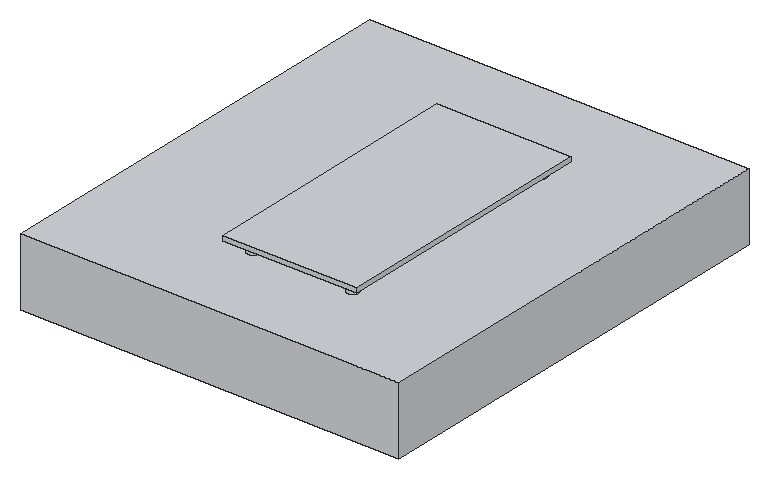
Revit family "M_Placa do terminal de telefone", category Equipamento elétrico, Revit 2019
Family settings
  Hospedeiro = Face
  Cota do conector redondo = Utilizar diâmetro
  Tipo de parte = Outros painéis
  Número OmniClass = 23.85.50.14.21
  Título OmniClass = Intercommunication Equipment
  ID de item do Seek = Telephone Terminal Board-0000-CAN-ENU
  Corte com vazios quando carregada = Não
  Compartilhado = Não
  Ponto de cálculo do ambiente = Não
Parameters (values of type "600x1200")
  Largura = 600 mm
  Reserva = 51 mm
  Altura = 1200 mm
  MeiaLargura = Largura / 2  # 300 mm
  MeiaAltura = Altura / 2  # 600 mm
  Linear = 19 mm
  Elevação-padrão = 1200 mm
Types (5, lengths in mm): name | Largura | Reserva | Altura | MeiaLargura | MeiaAltura
  (no name) | 600 | 51 | 1200 | 300 | 600
  600x600 | 600 | 51 | 600 | 300 | 300
  600x1200 | 600 | 51 | 1200 | 300 | 600
  1200x1200 | 1200 | 50 | 1200 | 600 | 600
  1200x2400 | 1200 | 51 | 2400 | 600 | 1200
Reference planes
  plane 1 "Centro (Frente/Trás)": y = 0
  plane 2: z = 0
  plane 3 "Centro (Esquerda/Direita)": x = 0
  plane 4: y = 600
  plane 5: y = -600
  plane 6: x = -300
  plane 7: x = 300
  plane 8: z = 51
  plane 9: z = 70
Forms (mm)
  Extrusion 1, solid
    sketch origin (0, 0, 0) x (1, 0, 0) y (0, 1, 0)
      loop
        line (-935, 1018.31) -> (-935, -935.486) -> (757.2, -935.486) -> (757.2, 1018.31) -> (-935, 1018.31)
    from 0 to -304.8
  Extrusion 2, solid
    sketch origin (0, 0, 0) x (1, 0, 0) y (0, 1, 0)
      loop
        line (-300, 600) -> (-300, -600) -> (300, -600) -> (300, 600) -> (-300, 600)
    from 51 to 70
  Extrusion 3, solid
    sketch origin (605.91, -187.746, 0) x (1, 0, 0) y (0, 1, 0)
      loop
        circle (-829.71, 711.546) r 25.4
    from 0 to 51
  Extrusion 4, solid
    sketch origin (468.286, -1076.26, 0) x (1, 0, 0) y (0, 1, 0)
      loop
        circle (-692.086, 552.46) r 25.4
    from 0 to 51
  Extrusion 5, solid
    sketch origin (-605.91, -187.746, 0) x (-1, 0, 0) y (0, -1, 0)
      loop
        circle (-829.71, -711.546) r 25.4
    from 0 to 51
  Extrusion 6, solid
    sketch origin (-468.286, -1076.26, 0) x (-1, 0, 0) y (0, -1, 0)
      loop
        circle (-692.086, -552.46) r 25.4
    from 0 to 51
Dimensions and locks
  "Largura": plane 6 to plane 7
  "Altura": plane 4 to plane 5
  "MeiaAltura": plane 1 "Centro (Frente/Trás)" to plane 4
  "MeiaLargura": plane 6 to plane 3 "Centro (Esquerda/Direita)"
  "MeiaLargura": plane 3 "Centro (Esquerda/Direita)" to plane 7
  "MeiaAltura": plane 5 to plane 1 "Centro (Frente/Trás)"
  "Reserva": plane 8 to level
  "Linear": plane 9 to plane 8
  plane 4 to Extrusion 3 sketch curve = 76.2 mm
  plane 6 to Extrusion 3 sketch curve = 76.2 mm
  Extrusion 2 to Extrusion 4 sketch curve = 76.2 mm  (x2)
  Extrusion 2 to Extrusion 5 sketch curve = 76.2 mm
  Extrusion 5 sketch curve to Extrusion 2 = 76.2 mm
  Extrusion 6 sketch curve to Extrusion 2 = 76.2 mm
  Extrusion 2 to Extrusion 6 sketch curve = 76.2 mm
  aligned and locked: plane 2 to Extrusion 1
  aligned and locked: level to Extrusion 1
  aligned and locked: Extrusion 2 sketch curve to plane 6
  aligned and locked: Extrusion 2 sketch curve to plane 4
  aligned and locked: Extrusion 2 sketch curve to plane 7
  aligned and locked: plane 5 to Extrusion 2 sketch curve
  aligned and locked: plane 9 to Extrusion 2
  aligned and locked: Extrusion 2 to plane 8
  aligned and locked: Extrusion 4 to level
  aligned and locked: plane 8 to Extrusion 4
  aligned and locked: plane 8 to Extrusion 3
  aligned and locked: Extrusion 3 to level
  aligned and locked: Extrusion 5 to level
  aligned and locked: Extrusion 6 to level
  aligned and locked: plane 8 to Extrusion 6
  aligned and locked: plane 8 to Extrusion 5
Automatic sketch dimensions
  Extrusion 1 sketch curve to Extrusion 1 sketch curve = 1692.2 mm
  Extrusion 1 sketch curve to Extrusion 1 sketch curve = 1953.796 mm
  radius of Extrusion 3 sketch curve = 25.4 mm
  radius of Extrusion 4 sketch curve = 25.4 mm
  radius of Extrusion 5 sketch curve = 25.4 mm
  radius of Extrusion 6 sketch curve = 25.4 mm
Connectors
  electrical at (0, 600, 60.5)
    settings: on Extrusion 2, index 1, voltage 0 V, apparent load 0 VA, apparent load phase1 0 VA, apparent load phase2 0 VA, apparent load phase3 0 VA, power factor 1, load classification "Outros", number of poles 1, system type 9, power factor state 1, is connector primary yes, connector utility no, sub classification motor no, connector description ""
